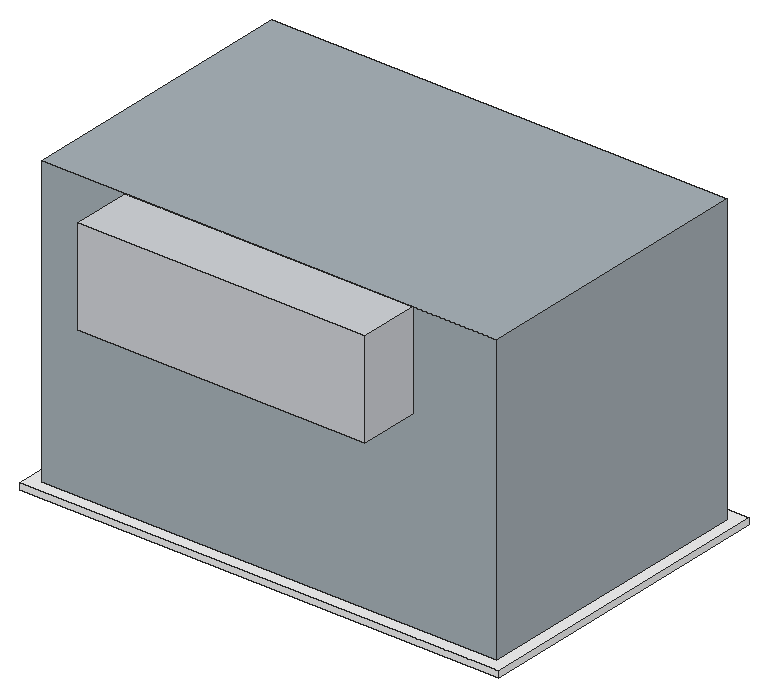
Revit family "QCF400", category Mechanical Equipment, Revit 2016
Family settings
  Part Type = Normal
  Round Connector Dimension = Use Diameter
  OmniClass Number = 23.75.70.21.24.11
  OmniClass Title = Constant Volume Air Terminal Units
  Work Plane-Based = Yes
  Always vertical = Yes
  Cut with Voids When Loaded = No
  Shared = No
  Room Calculation Point = No
Parameters (values of type "QCF400")
  CFM@0.10" S.P. [instance] = 281 CFM
  Frequency [instance] = 60 Hz
  Watt [instance] = 192 W
  Volts_AC [instance] = 120 VA
  Default Elevation = 6' - 0"
  CFM = "SP 0/CFM 411 - SP 0.10/CFM 350 - SP 0.30/CFM 250"
  C. DEPTH [instance] = 0' - 2 1/2"
  A [instance] = 1' - 7"
  E [instance] = 0' - 4"
  URL = "http://www.reversomatic.com/product/qcf-400/"
  RPM [instance] = 30.582 m³
  D [instance] = 1' - 0"
  Model = "QCF400"
  Manufacturer = "REVERSOMATIC"
  C [instance] = 1' - 0"
  B [instance] = 1' - 0"
  Description = "CEILING OR IN-LINE TWIN BLOWER FANS"
  F [instance] = 1' - 1"
  G [instance] = 1' - 8"
  Amps [instance] = 1.6 A
Reference planes (in)
  plane 1 "Center (Front/Back)": y = 0
  plane 2: z = 0
  plane 3 "Center (Left/Right)": x = 0
  plane 4: z = 12
  plane 5: y = 6
  plane 6: y = -6
  plane 7: x = 9.5
  plane 8: x = -9.5
  plane 9: y = 6.5
  plane 10: x = 10
  plane 11: y = -6.5
  plane 12: x = -10
  plane 13: x = -6
  plane 14: x = 6
  plane 15: z = 4
Forms (in)
  Extrusion 1, solid, material "Default New Material"
    sketch origin (0, 0, 0) x (1, 0, 0) y (0, 1, 0)
      loop
        line (-9.5, 6) -> (-9.5, -6) -> (9.5, -6) -> (9.5, 6) -> (-9.5, 6)
    from 0 to 12
  Extrusion 2, solid, material "Default"
    sketch origin (0, 0, 0) x (0, 1, 0) y (1, 0, 0)
      loop
        line (-6.5, 10) -> (-6.5, -10) -> (6.5, -10) -> (6.5, 10) -> (-6.5, 10)
    from 0 to 0.24475
  Extrusion 3, solid
    sketch origin (9.5, -6, 8) x (-1, 0, 0) y (0, 0, -1)
      loop
        line (15.5, 0) -> (3.5, 0) -> (3.5, -4) -> (15.5, -4) -> (15.5, 0)
    from 0 to 2.5
Lines and regions (in)
  model lines, not visible
    curve 1: line (-9.88226, 2.47827, 0.12972) -> (-9.88226, -5.27173, 0.12972)
    curve 2: line (-9.39339, 1.7977, 0.08881) -> (-9.39339, -4.7023, 0.08881)
    curve 3: line (-8.82749, 1.22023, 0.04145) -> (-8.82749, -4.02977, 0.04145)
    curve 4: line (-8.31817, 0.7005, -0.00117) -> (-8.31817, -3.5495, -0.00117)
Dimensions and locks (in)
  "C": plane 4 to level
  equal spacing: plane 8, plane 3 "Center (Left/Right)", plane 7
  "A": plane 8 to plane 7
  equal spacing: plane 5, plane 1 "Center (Front/Back)", plane 6
  "B": plane 5 to plane 6
  equal spacing: plane 12, plane 3 "Center (Left/Right)", plane 10
  "G": plane 12 to plane 10
  equal spacing: plane 9, plane 1 "Center (Front/Back)", plane 11
  "F": plane 9 to plane 11
  equal spacing: plane 13, plane 3 "Center (Left/Right)", plane 14
  "D": plane 13 to plane 14
  "E": plane 15 to level
  connector elem to plane 13 = 0' - 6"
  "C. DEPTH": plane 6 to Extrusion 3
  aligned and locked: plane 2 to level
  aligned and locked: plane 4 to Extrusion 1
  aligned and locked: Extrusion 1 to plane 7
  aligned and locked: plane 5 to Extrusion 1
  aligned and locked: plane 8 to Extrusion 1
  aligned and locked: Extrusion 1 to plane 6
  aligned and locked: plane 9 to Extrusion 2
  aligned and locked: plane 10 to Extrusion 2
  aligned and locked: plane 11 to Extrusion 2
  aligned and locked: plane 12 to Extrusion 2
  aligned and locked: Extrusion 3 to plane 13
  aligned and locked: plane 14 to Extrusion 3
Automatic sketch dimensions
  Extrusion 1 sketch curve to plane 3 "Center (Left/Right)" = 0' - 9 1/2"
  plane 3 "Center (Left/Right)" to Extrusion 1 sketch curve = 0' - 9 1/2"
  plane 1 "Center (Front/Back)" to Extrusion 1 sketch curve = 0' - 6"
  Extrusion 1 sketch curve to plane 1 "Center (Front/Back)" = 0' - 6"
  plane 1 "Center (Front/Back)" to Extrusion 2 sketch curve = 0' - 6 1/2"
  Extrusion 2 sketch curve to plane 1 "Center (Front/Back)" = 0' - 6 1/2"
  plane 3 "Center (Left/Right)" to Extrusion 2 sketch curve = 0' - 10"
  Extrusion 2 sketch curve to plane 3 "Center (Left/Right)" = 0' - 10"
  Extrusion 3 sketch curve to Extrusion 1 = 0' - 3 1/2"
  Extrusion 1 to Extrusion 3 sketch curve = 0' - 3 1/2"
  Extrusion 1 to Extrusion 3 sketch curve = 1' - 0"
  Extrusion 3 sketch curve to Extrusion 3 sketch curve = 0' - 4"
Connectors (in)
  hvac at (0, -8.5, 10), driven by "E", driven by "D"
    settings: on Extrusion 3, index 1, duct flow 0 CFM, flow factor 0, pres drop 0.00 in-wg, loss coef 0, conn angle 0.00°, conn width 12", conn height 4", conn diameter 24", duct sys type 1, conn prof type 1, flow config 0, flow direction 0, loss method 0, conn ref index -1, conn util no, is conn primary yes, conn desc ""
